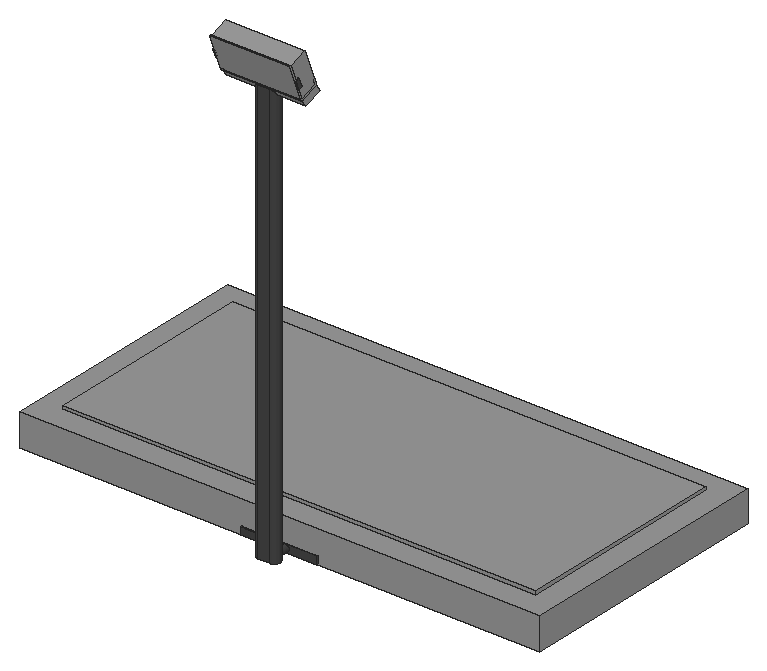
Revit family "Midmark - Platform Scale", category Specialty Equipment, Revit 2017
Family settings
  Round Connector Dimension = Use Diameter
  Part Type = Normal
  OmniClass Number = 23.25.61.00
  Work Plane-Based = No
  Always vertical = Yes
  Cut with Voids When Loaded = No
  Shared = No
  Room Calculation Point = No
Parameters (values of type "Post Mount Readout with No Slip Mat")
  Readout Width = 0' - 6.74856"
  Readout Height [instance] = 0' - 4"
  Width = 3' - 8"
  Type Image = 05-101A_Floor Scale_Wall Mnt.jpg
  Type Comments = "Platform Scale. 44\"L x 22\"W Stainless Steel with Post Mount readout and No Slip Mat Included."
  Scale Platform = 0' - 2 11/16"
  Scale Display Material = Plastic, Opaque White
  Readout Frame Material = Stainless Steel, Polished
  Post & Frame Material = Steel, Paint Finish, Black, Matte
  Platform Surface Material = Stainless Steel, Polished
  No Slip Mat Material = Rubber, Black
  Model = "110-3110-00"
  Manufacturer = "MIDMARK"
  Height [instance] = 3' - 4"
  Description = "Recessing this scale is not Recommended."
  Depth = 1' - 10"
Reference planes (in)
  plane 1 "Center (Front/Back)": y = 0
  plane 2: z = 0
  plane 3 "Center (Left/Right)": x = 0
  plane 4: x = -22
  plane 5: x = 22
  plane 6 "Front of Scale Platform": y = 11
  plane 7 "Back of Scale Platform": y = -11
  plane 8 "TO Readout Display": z = 40
  plane 9 "TO Scale Platform": z = 3.0625
  plane 10 "BO of Readout Display": z = 36
  plane 11 "Underside of Scale Platform": z = 0.375
  plane 12 "BO Post Bracket": z = 0.25689
  plane 13: x = -3.19131
  plane 14: x = 3.19024
  plane 15: x = -0.812
  plane 16: x = 0.8133
  plane 17 "BOTTOM OF MONITOR STAND": through (-240, -11.06356, 36.28334) normal (0, -0.3509, 0.9364)
  plane 18 "Left Edge of Display": x = -3.37446
  plane 19 "Right Edge of Display": x = 3.37411
  plane 20 "FRONT OF DISPLAY": through (-240, -12.61639, 40.19108) normal (0, -0.9336, -0.3584)
  plane 21 "TOP OF MONITOR": through (-240, -12.4671, 40.02846) normal (0, -0.3509, 0.9364)
  plane 22 "BOTTOM OF MONITOR": through (-240, -11.34767, 37.04144) normal (0, -0.3509, 0.9364)
  plane 23 "Back Edge of Scale Feet": y = -10
  plane 24: y = -8
  plane 25: y = 8
  plane 26 "Front Edge of Scale Feet": y = 10
  plane 27 "Front of Post": y = -11.67663
  plane 28 "Back of Post": y = -12.67663
  plane 29 "TO Post Bracket": z = 1.03789
  plane 30 "TO No Slip Mat": z = 3.32422
Forms (in)
  Extrusion 1, solid, material "Stainless Steel, Polished" <- "Platform Surface Material"
    sketch origin (-22.25, -12.25, 0) x (0, 1, 0) y (0, 0, 1)
      loop
        line (23.25, 3.0625) -> (1.25, 3.0625) -> (1.25, 0.375) -> (23.25, 0.375) -> (23.25, 3.0625)
    from 0.25 to 44.25
  Extrusion 2, solid, material "Stainless Steel, Polished" <- "Platform Surface Material"
    sketch origin (0, -0.02981, 0) x (1, 0, 0) y (0, 1, 0)
      loop
        circle (-19.97489, 9.02981) r 1
      loop
        circle (20.02511, 9.02981) r 1
      loop
        circle (20.02511, -8.97019) r 1
      loop
        circle (-19.97489, -8.97019) r 1
    from 0 to 0.375
  Extrusion 3, solid, material "Steel, Paint Finish, Black, Matte" <- "Post & Frame Material"
    sketch origin (-3.19131, 26.97006, 42.00327) x (0, 1, 0) y (0, 0, 1)
      loop
        line (-33.02469, -41.74638) -> (-33.02469, -41.37138) -> (-37.97006, -41.37138) -> (-37.97006, -40.96538) -> (-38.06406, -40.96538) -> (-38.06406, -41.62827) -> (-36.568, -41.62827) -> (-36.568, -41.74638) -> (-33.02469, -41.74638)
    from 0 to 6.38155
  Extrusion 4, solid, material "Steel, Paint Finish, Black, Matte" <- "Post & Frame Material"
    sketch origin (0, -11, 0) x (-1, 0, 0) y (0, 0, 1)
      loop
        arc (-0.492, 1.03789) -> (-0.82344, 0.70645) -> (-0.492, 0.375) r 0.33144
        line (-0.492, 0.375) -> (0.492, 0.375)
        arc (0.492, 0.375) -> (0.82344, 0.70645) -> (0.492, 1.03789) r 0.33144
        line (0.492, 1.03789) -> (-0.492, 1.03789)
    from -0.92278 to -0.094
  Extrusion 5, solid, material "Steel, Paint Finish, Black, Matte" <- "Post & Frame Material"
    sketch origin (0, 0, 0) x (1, 0, 0) y (0, 1, 0)
      loop
        line (0.49213, -11.67663) -> (-0.49213, -11.67663)
        arc (-0.49213, -11.67663) -> (-0.99213, -12.17663) -> (-0.49213, -12.67663) r 0.5
        line (-0.49213, -12.67663) -> (0.49213, -12.67663)
        arc (0.49213, -12.67663) -> (0.99213, -12.17663) -> (0.49213, -11.67663) r 0.5
    from 0.25689 to 36.7474
  Extrusion 6, solid, material "Stainless Steel, Polished" <- "Readout Frame Material"
    sketch origin (-3.19131, 27.05965, 41.76987) x (0, 1, 0) y (0, 0, 1)
      loop
        line (-39.85924, -5.38447) -> (-39.4793, -5.99475) -> (-38.04662, -5.45783) -> (-38.42656, -4.84756) -> (-39.85924, -5.38447)
    from -0.15612 to 6.53388
  Extrusion 7, solid, material "Stainless Steel, Polished" <- "Readout Frame Material"
    sketch origin (-3.19131, 27.05965, 41.76987) x (0, 1, 0) y (0, 0, 1)
      loop
        line (-39.80674, -5.36622) -> (-38.55116, -4.89425)
        arc (-38.55116, -4.89425) -> (-38.44794, -4.79733) -> (-38.44399, -4.65579) r 0.18422
        line (-38.44399, -4.65579) -> (-38.56852, -4.33138) -> (-38.67149, -4.37008) -> (-38.52332, -4.76425) -> (-39.92802, -5.30347) -> (-41.07476, -2.24357) -> (-41.18536, -2.28502) -> (-40.07656, -5.24367)
        arc (-40.07656, -5.24367) -> (-39.96705, -5.36087) -> (-39.80674, -5.36622) r 0.20945
    from -0.19657 to 6.56542
  Extrusion 8, solid, material "Plastic, Opaque White" <- "Scale Display Material"
    sketch origin (-3.19131, 27.05965, 41.76987) x (0, 1, 0) y (0, 0, 1)
      loop
        line (-39.60269, -1.76987) -> (-41.04976, -2.31218) -> (-39.90492, -5.2946) -> (-38.45785, -4.75229) -> (-39.60269, -1.76987)
    from -0.15612 to 6.53732
  Extrusion 9, solid, material "Stainless Steel, Polished" <- "Readout Frame Material"
    sketch origin (-3.19131, 27.05965, 41.76987) x (0, 1, 0) y (0, 0, 1)
      loop
        line (-40.42018, -3.42928) -> (-40.68877, -3.54329) -> (-40.39839, -4.262) -> (-40.14628, -4.16014) -> (-40.42018, -3.42928)
    from -0.33719 to -0.19657
  Extrusion 10, solid, material "Steel, Paint Finish, Black, Matte" <- "Post & Frame Material"
    sketch origin (3.37411, 27.05965, 74.13614) x (0, 1, 0) y (0, 0, 1)
      loop
        line (-40.67033, -35.90265) -> (-40.39839, -36.62827) -> (-40.14628, -36.52641) -> (-40.41579, -35.80726) -> (-40.67033, -35.90265)
    from 0 to 0.14233
  Extrusion 11, solid, material "Rubber, Black" <- "No Slip Mat Material"
    sketch origin (0, 0, 0) x (1, 0, 0) y (0, 1, 0)
      loop
        line (-20.02058, 9.07383) -> (-20.02058, -8.92617) -> (19.97942, -8.92617) -> (19.97942, 9.07383) -> (-20.02058, 9.07383)
    from 3.07422 to 3.32422
Lines and regions (in)
  model lines
    curve 1: line (-1.06459, -12.14614, 38.96603) -> (-1.06459, -11.60858, 37.56566)
    curve 2: line (-1.06459, -11.60858, 37.56566) -> (2.93541, -11.60858, 37.56566)
    curve 3: line (2.93541, -11.60858, 37.56566) -> (2.93541, -12.14614, 38.96603)
    curve 4: line (2.93541, -12.14614, 38.96603) -> (-1.06459, -12.14614, 38.96603)
    curve 5: circle (-2.52909, -12.02524, 38.65108) r 0.25 normal (0, -0.9336, -0.3584)
    curve 6: circle (-1.77909, -12.02524, 38.65108) r 0.25 normal (0, -0.9336, -0.3584)
    curve 7: circle (-1.77909, -11.75646, 37.9509) r 0.25 normal (0, -0.9336, -0.3584)
    curve 8: circle (-2.52909, -11.75646, 37.9509) r 0.25 normal (0, -0.9336, -0.3584)
Dimensions and locks (in)
  equal spacing: plane 4, plane 3 "Center (Left/Right)", plane 5
  "Width": plane 4 to plane 5
  equal spacing: plane 6 "Front of Scale Platform", plane 1 "Center (Front/Back)", plane 7 "Back of Scale Platform"
  "Depth": plane 6 "Front of Scale Platform" to plane 7 "Back of Scale Platform"
  "Readout Height": plane 8 "TO Readout Display" to plane 10 "BO of Readout Display"
  "Height": plane 2 to plane 8 "TO Readout Display"
  "Scale Platform": plane 9 "TO Scale Platform" to plane 11 "Underside of Scale Platform"
  plane 11 "Underside of Scale Platform" to level = 0' - 0 3/8"
  "Readout Width": plane 19 "Right Edge of Display" to plane 18 "Left Edge of Display"
  aligned and locked: level to plane 2
  aligned and locked: Extrusion 1 to plane 4
  aligned and locked: plane 5 to Extrusion 1
  aligned and locked: plane 6 "Front of Scale Platform" to Extrusion 1
  aligned and locked: Extrusion 1 to plane 9 "TO Scale Platform"
Automatic sketch dimensions
  plane 11 "Underside of Scale Platform" to Extrusion 3 sketch curve = 0' - 0"
  Extrusion 3 sketch curve to plane 7 "Back of Scale Platform" = 0' - 0"
  plane 12 "BO Post Bracket" to Extrusion 3 sketch curve = 0' - 0"
  Extrusion 3 sketch curve to plane 7 "Back of Scale Platform" = 0' - 0.094"
  plane 7 "Back of Scale Platform" to Extrusion 3 sketch curve = 0' - 1.40206"
  Extrusion 3 sketch curve to plane 11 "Underside of Scale Platform" = 0' - 0.25689"
  Extrusion 3 sketch curve to Extrusion 3 sketch curve = 0' - 0.406"
  Extrusion 3 sketch curve to Extrusion 3 sketch curve = 0' - 3.54331"
  Extrusion 4 sketch curve to plane 11 "Underside of Scale Platform" = 0' - 0"
  Extrusion 4 sketch curve to plane 16 = 0' - 0.3213"
  plane 15 to Extrusion 4 sketch curve = 0' - 0.32"
  Extrusion 4 sketch curve to Extrusion 4 sketch curve = 0' - 0.33144"
  plane 15 to Extrusion 5 sketch curve = 0' - 0.31987"
  Extrusion 5 sketch curve to plane 16 = 0' - 0.32117"
  Extrusion 5 sketch curve to Extrusion 5 sketch curve = 0' - 0 1/2"
  Extrusion 7 sketch curve to plane 8 "TO Readout Display" = 0' - 0.47369"
  Extrusion 7 sketch curve to Extrusion 7 sketch curve = 0' - 0.1106"
  Extrusion 7 sketch curve to Extrusion 7 sketch curve = 0' - 0.14854"
  Extrusion 7 sketch curve to Extrusion 7 sketch curve = 0' - 0.04759"
  Extrusion 7 sketch curve to Extrusion 7 sketch curve = 0' - 0.12128"
  Extrusion 7 sketch curve to plane 7 "Back of Scale Platform" = 0' - 0.61184"
  Extrusion 7 sketch curve to Extrusion 7 sketch curve = 0' - 0.05551"
  Extrusion 7 sketch curve to Extrusion 7 sketch curve = 0' - 0.10297"
  Extrusion 7 sketch curve to Extrusion 7 sketch curve = 0' - 0.06482"
  Extrusion 7 sketch curve to Extrusion 7 sketch curve = 0' - 0.09265"
  Extrusion 7 sketch curve to Extrusion 7 sketch curve = 0' - 0.07933"
  Extrusion 7 sketch curve to Extrusion 7 sketch curve = 0' - 0.04145"
  Extrusion 7 sketch curve to Extrusion 7 sketch curve = 0' - 0.97209"
  Extrusion 7 sketch curve to Extrusion 7 sketch curve = 0' - 0.0387"
  Extrusion 7 sketch curve to Extrusion 7 sketch curve = 0' - 0.10846"
  Extrusion 7 sketch curve to Extrusion 7 sketch curve = 0' - 0.04244"
  Extrusion 7 sketch curve to Extrusion 7 sketch curve = 0' - 0.1333"
  plane 10 "BO of Readout Display" to Extrusion 9 sketch curve = 0' - 1.50787"
  Extrusion 9 sketch curve to Extrusion 9 sketch curve = 0' - 0.71871"
  Extrusion 9 sketch curve to Extrusion 9 sketch curve = 0' - 0.11401"
  plane 10 "BO of Readout Display" to Extrusion 10 sketch curve = 0' - 1.60973"
  Extrusion 10 sketch curve to Extrusion 10 sketch curve = 0' - 0.25454"
  Extrusion 10 sketch curve to Extrusion 10 sketch curve = 0' - 0.10186"
  Extrusion 5 sketch curve to plane 7 "Back of Scale Platform" = 0' - 1.67663"
  plane 10 "BO of Readout Display" to Extrusion 7 sketch curve = 0' - 0.40365"
  Extrusion 7 sketch curve to Extrusion 7 sketch curve = 0' - 1.25558"
  Extrusion 9 sketch curve to plane 7 "Back of Scale Platform" = 0' - 2.62912"
  Extrusion 9 sketch curve to Extrusion 9 sketch curve = 0' - 0.26859"
  Extrusion 9 sketch curve to Extrusion 9 sketch curve = 0' - 0.29038"
  plane 10 "BO of Readout Display" to Extrusion 9 sketch curve = 0' - 1.60973"
  Extrusion 10 sketch curve to plane 7 "Back of Scale Platform" = 0' - 2.61068"
  Extrusion 10 sketch curve to Extrusion 10 sketch curve = 0' - 0.27193"
  Extrusion 10 sketch curve to Extrusion 10 sketch curve = 0' - 0.25212"
  Extrusion 1 sketch curve to plane 7 "Back of Scale Platform" = 0' - 0"
  Extrusion 1 sketch curve to plane 6 "Front of Scale Platform" = 0' - 0"
  plane 11 "Underside of Scale Platform" to Extrusion 1 sketch curve = 0' - 0"
  plane 9 "TO Scale Platform" to Extrusion 1 sketch curve = 0' - 0"
  plane 4 to Extrusion 2 sketch curve = 0' - 2.02511"  (x2)
  Extrusion 2 sketch curve to plane 5 = 0' - 1.97489"  (x2)
  plane 7 "Back of Scale Platform" to Extrusion 2 sketch curve = 0' - 2"  (x2)
  Extrusion 2 sketch curve to plane 6 "Front of Scale Platform" = 0' - 2"  (x2)
  plane 4 to Extrusion 11 sketch curve = 0' - 1.97942"
  Extrusion 11 sketch curve to plane 5 = 0' - 2.02058"
  plane 7 "Back of Scale Platform" to Extrusion 11 sketch curve = 0' - 2.07383"
  Extrusion 11 sketch curve to plane 6 "Front of Scale Platform" = 0' - 1.92617"
  curve 1 to plane 15 = 0' - 0.25259"
  plane 13 to curve 8 = 0' - 0.66222"
  curve 1 to curve 8 = 0' - 0.41264"
  curve 8 to curve 7 = 0' - 0"
  curve 8 to curve 5 = 0' - 0 3/4"
  curve 5 to curve 6 = 0' - 0"
  curve 6 to curve 4 = 0' - 0.33736"
  curve 4 to plane 14 = 0' - 0.25483"
  curve 1 to curve 6 = 0' - 0.7145"
  curve 7 to curve 8 = 0' - 0 3/4"
  plane 13 to curve 5 = 0' - 0.66222"
  Extrusion 8 sketch curve to plane 21 "TOP OF MONITOR" = 0' - 0"
  Extrusion 8 sketch curve to plane 8 "TO Readout Display" = 0' - 0"
  plane 20 "FRONT OF DISPLAY" to Extrusion 8 sketch curve = 0' - 0"  (x2)
  plane 10 "BO of Readout Display" to Extrusion 8 sketch curve = 0' - 0.47527"
  Extrusion 8 sketch curve to plane 7 "Back of Scale Platform" = 0' - 1.84527"
  Extrusion 8 sketch curve to plane 7 "Back of Scale Platform" = 0' - 0.3982"
  Extrusion 8 sketch curve to plane 8 "TO Readout Display" = 0' - 0.54231"
  Extrusion 6 sketch curve to plane 17 "BOTTOM OF MONITOR STAND" = 0' - 0"  (x2)
  plane 10 "BO of Readout Display" to Extrusion 6 sketch curve = 0' - 0.3854"
  Extrusion 6 sketch curve to plane 7 "Back of Scale Platform" = 0' - 1.79959"
  Extrusion 6 sketch curve to plane 10 "BO of Readout Display" = 0' - 0.22487"
  Extrusion 6 sketch curve to plane 7 "Back of Scale Platform" = 0' - 0.36691"
  plane 7 "Back of Scale Platform" to Extrusion 6 sketch curve = 0' - 0.01303"
  Extrusion 6 sketch curve to Extrusion 6 sketch curve = 0' - 0.61027"
  radius of Extrusion 2 sketch curve = 0' - 1"  (x4)
  radius of curve 5 = 0' - 0 1/4"
  radius of curve 6 = 0' - 0 1/4"
  radius of curve 7 = 0' - 0 1/4"
  radius of curve 8 = 0' - 0 1/4"
